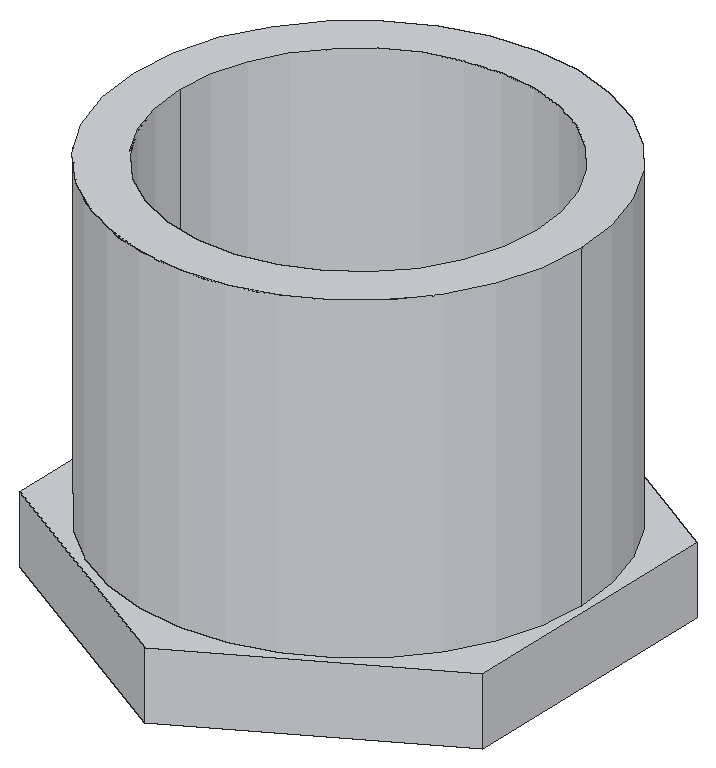
Revit family "HR1B", category Generic Models, Revit 2017
Family settings
  Can host rebar = No
  Round Connector Dimension = Use Diameter
  Part Type = Normal
  Work Plane-Based = Yes
  Always vertical = No
  Cut with Voids When Loaded = No
  Shared = No
  Room Calculation Point = No
Parameters (values of type "NBS Standard Parameters")
  Weight = "0.017Kg"
  WarrantyStartDate [instance] = "1900-12-31T23:59:59"
  WarrantyGuarantorParts = "n/a"
  WarrantyGuarantorLabor = "n/a"
  WarrantyDurationUnit = "1 year"
  WarrantyDurationParts = "n/a"
  WarrantyDurationLabor = "n/a"
  WarrantyDescription = "n/a"
  Version = "1"
  Uniclass2 = "Pr_65_70_11_20"
  TagNumber [instance] = "n/a"
  SustainabilityPerformance = "n/a"
  Size = "20mm"
  Shape = "Circular"
  SerialNumber [instance] = "n/a"
  Revision = "n/a"
  ReplacementCost = "n/a"
  ProductInformation = "www.metpro.co.uk/pdf/hr1g.pdf"
  NominalWidth = 20.6 mm
  NominalLength = 20.6 mm
  NominalHeight = 17.3 mm
  Name = ""
  NBSTypeID = ""
  NBSReference = "90-55-10/460"
  NBSOfficeMasterTag = ""
  NBSNote = ""
  NBSDescription = "Conduit Fittings"
  NBSCertification = ""
  ModelReference = "HR1B"
  ModelNumber = "n/a"
  Material = "Mild Steel"
  ManufacturerURL = "www.metpro.co.uk"
  ManufacturerName = "Metpro Ltd"
  Keynote = "Compliant to LU Standard 1-085"
  InstallationDate [instance] = "1900-12-31T23:59:59"
  IfcExportType = ""
  IfcExportAs = ""
  Grade = "n/a"
  Finish = "Black"
  Features = "n/a"
  ExpectedLife = "n/a"
  DurationUnit = "year"
  Description = "HR1B  20 - 16mm Conduit Reducer"
  Default Elevation = 1219.2 mm
  Constituents = "n/a"
  Color = "n/a"
  CodePerformance = "n/a"
  Category = "n/a"
  BarCode [instance] = "n/a"
  BIMObjectName = "Metpro_Metprolibrary_conduitfittings_Metalcomponents_steelaccessories"
  Author = "Metpro Limited"
  AssetType = ""
  AssetIdentifier [instance] = "n/a"
  AccessibilityPerformance = "n/a"
Reference planes
  plane 1 "Center (Front/Back)": y = 0
  plane 2: z = 0
  plane 3 "Center (Left/Right)": x = 0
Forms (mm)
  Extrusion 1, solid
    sketch origin (-11.449, -7.188, 21.419) x (0, -1, 0) y (1, 0, 0)
      loop
        line (-8.691, 9.863) -> (-14.665, -0.483) -> (-8.691, -10.829) -> (3.256, -10.829) -> (9.229, -0.483) -> (3.256, 9.863) -> (-8.691, 9.863)
      loop
        circle (-2.718, -0.483) r 8
    from 0 to 3
  Extrusion 2, solid
    sketch origin (-11.449, -7.188, 21.419) x (0, -1, 0) y (1, 0, 0)
      loop
        circle (-2.718, -0.483) r 8
      loop
        circle (-2.718, -0.483) r 10
    from 1.392 to 17.3
Dimensions and locks
  aligned and locked: level to plane 2
